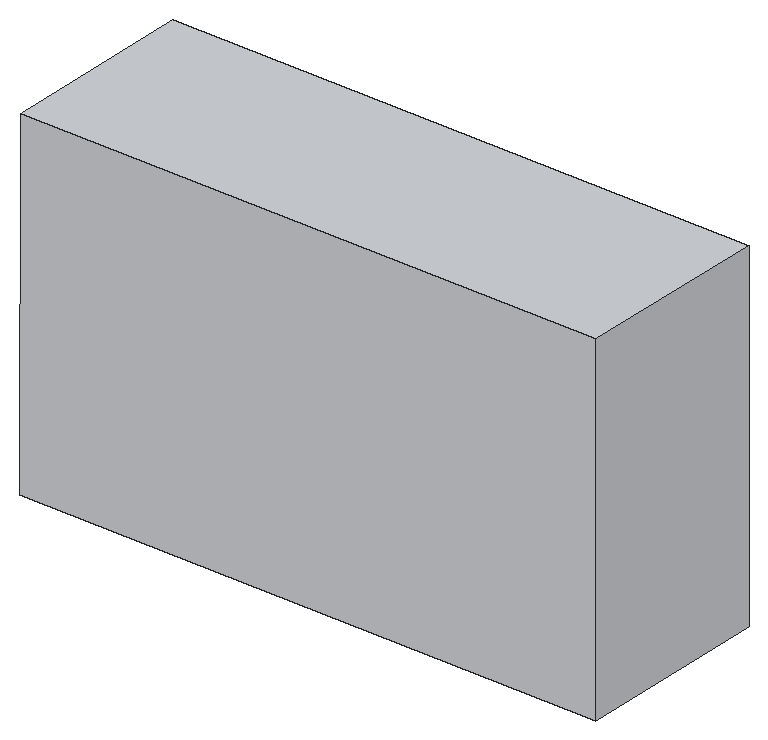
Revit family "S_结构梁", category 结构框架, Revit 2018
Family settings
  显示在隐藏视图中 = 被其他构件隐藏的边缘
  结构框架长度舍入 = 1 mm
  横断面形状 = 未定义
  用于模型行为的材质 = 混凝土
  始终导出为几何图形 = 否
  总是垂直 = 是
  加载时剪切的空心 = 否
  符号表示法 = 从族
  共享 = 否
  在平面视图中显示族的预剪切 = 是
Parameters (values of type "KL1")
  说明 = "\"大梁\"=主梁/ \"托梁\"=次梁"
  Structural Material [instance] = none
  Assembly Code = ""
  Length [instance] = 2105 mm
  截面填充可见性 [instance] = yes
  h [instance] = 1250 mm
  b [instance] = 700 mm
Types (95, lengths in mm): name | 说明
  KL1 | "\"大梁\"=主梁/ \"托梁\"=次梁"
  KL2 | 0
  KL3 | 0
  KL4 | 0
  KL5 | 0
  KL6 | 0
  KL7 | 0
  KL8 | 0
  KL9 | 0
  KL10 | 0
  KL11 | 0
  KL12 | 0
  KL13 | 0
  KL14 | 0
  KL15 | 0
  KL16 | 0
  TL1 | 0
  WKL7 | 0
  L32 | 0
  L33 | 0
  KL34 | 0
  KL35 | 0
  KL33 | 0
  XL1 | 0
  KL32 | 0
  L31 | 0
  L30 | 0
  L29 | 0
  KL27 | 0
  KL26 | 0
  LL(JX)14 | 0
  L28 | 0
  L25 | 0
  L26 | 0
  L27 | 0
  KL28 | 0
  KL25 | 0
  KL22 | 0
  KL23 | 0
  KL30 | 0
  KL29 | 0
  KL24 | 0
  KL31 | 0
  WKL6 | 0
  WKL4 | 0
  WKL3 | 0
  WKL2 | 0
  WKL1 | 0
  LL8 | 0
  LL7 | 0
  LL5 | 0
  LL4 | 0
  LL3 | 0
  LL1 | 0
  LL2 | 0
  KL21 | 0
  L17 | 0
  L18 | 0
  KL18 | 0
  L22 | 0
  KL19 | 0
  L24 | 0
  L21 | 0
  L20 | 0
  L19 | 0
  LL(JX)13 | 0
  KL20 | 0
  KL17 | 0
  L23 | 0
  L16 | 0
  L15 | 0
  L13 | 0
  L12 | 0
  LL(JX)7 | 0
  L11 | 0
  LL(JX)5 | 0
  L10 | 0
  L8 | 0
  L6 | 0
  LL(JX)3 | 0
  LL(JX)8 | 0
  LL(JX)10 | 0
  LL(JX)9 | 0
  LL(JX)6 | 0
  LL(JX)4 | 0
  LL(JX)1 | 0
  LL(JX)2 | 0
  L2 | 0
  L1 | 0
  L5 | 0
  L14 | 0
  L3 | 0
  L9 | 0
  L7 | 0
  L4 | 0
Reference planes
  plane 1 "中心(前/后)": y = 0
  plane 2: z = 0
  plane 3 "中心(左/右)": x = 295.11
  plane 4: y = 350
  plane 5: y = -350
  plane 6 "底": z = -1250
  plane 7 "左": x = -757.39
  plane 8 "右": x = 1347.61
Forms (mm)
  Extrusion 1, solid, material <- "Structural Material"
    sketch origin (295.11, 0, 0) x (0, 1, 0) y (0, 0, 1)
      loop
        line (-350, 0) -> (-350, -1250) -> (350, -1250) -> (350, 0) -> (-350, 0)
    from -1052.5 to 1052.5
Dimensions and locks
  "b": plane 4 to plane 5
  plane 6 "底" to plane 2 = 1250 mm
  equal spacing: plane 4, plane 1 "中心(前/后)", plane 5
  equal spacing: plane 7 "左", plane 3 "中心(左/右)", plane 8 "右"
  "h": plane 6 "底" to plane 2
  "Length": plane 7 "左" to plane 8 "右"
  aligned and locked: Extrusion 1 sketch curve to plane 2
  aligned and locked: Extrusion 1 sketch curve to plane 5
  aligned and locked: Extrusion 1 sketch curve to plane 6 "底"
  aligned and locked: Extrusion 1 sketch curve to plane 4
  aligned and locked: Extrusion 1 to plane 8 "右"
  aligned and locked: plane 7 "左" to Extrusion 1
